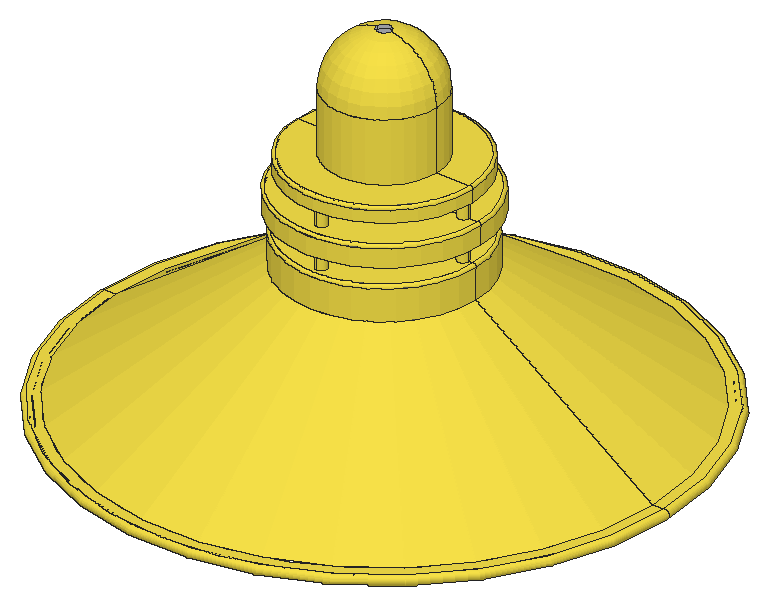
Revit family "L120 SHADE", category Lighting Fixtures, Revit 2024
Family settings
  Round Connector Dimension = Use Diameter
  Part Type = Normal
  OmniClass Number = 23.80.70.00
  OmniClass Title = Lighting
  Work Plane-Based = No
  Always vertical = Yes
  Cut with Voids When Loaded = No
  Light Source = Yes
  Maintain Annotation Orientation = No
  Shared = No
  Room Calculation Point = No
Parameters
  Wattage = 12.1178 W
  built-in parameter 1150110 = 1 (stored number, unit not read)
  built-in parameter 1114217 = 1 (stored number, unit not read)
  built-in parameter 1150109 = 1 (stored number, unit not read)
  built-in parameter 1150134 = (empty or 0)
  built-in parameter 1150113 = 1 (stored number, unit not read)
  Lumens = 1800 lm
  built-in parameter 1150115 = 1 (stored number, unit not read)
  built-in parameter 1150105 = 572.96 (stored number, unit not read)
  Light Source Symbol Size = 2' - 0"
  built-in parameter 1150137 = (empty or 0)
  built-in parameter 1150139 = (empty or 0)
  built-in parameter 1150112 = 1 (stored number, unit not read)
  built-in parameter 1150114 = 1 (stored number, unit not read)
  built-in parameter 1150132 = 2
  built-in parameter 1150102 = (empty or 0)
  built-in parameter 1150138 = (empty or 0)
  built-in parameter 1150107 = 3000 (stored number, unit not read)
  built-in parameter 1150106 = 5.7296 (stored number, unit not read)
  built-in parameter 1150104 = 13.8 (stored number, unit not read)
  Dimming Lamp Color Temperature Shift = (empty or 0)
  Default Elevation = 0' - 0"
  Color Filter = 16777215
  built-in parameter 1114218 = 1 (stored number, unit not read)
  built-in parameter 1150133 = 10 (stored number, unit not read)
Reference planes (in)
  plane 1 "Light Source Axis (F/B)": y = 0
  plane 2: z = 0
  plane 3 "Light Source Axis (L/R)": x = 0
  plane 4 "Light Source Elevation": z = 54
Forms (in)
  Revolve 1, solid
    sketch origin (0, 0, 2.45653) x (1, 0, 0) y (0, 0, 1)
      loop
        line (-3.22625, 56.12573) -> (-9.44818, 51.86547) -> (-9.839, 51.86547)
        arc (-9.839, 51.86547) -> (-9.92587, 51.56892) -> (-9.69271, 51.77172) r 0.161
        line (-9.69271, 51.77172) -> (-9.41916, 51.77172) -> (-3.1325, 56.0763) -> (-3.1325, 57.15674) -> (-2.14731, 57.15674) -> (-2.14731, 57.25049) -> (-3.12625, 57.25049)
        arc (-3.12625, 57.25049) -> (-3.19696, 57.2212) -> (-3.22625, 57.15049) r 0.1
        line (-3.22625, 57.15049) -> (-3.22625, 56.12573)
      loop
        line (-3.38733, 57.91135) -> (-3.29358, 57.91135) -> (-3.29358, 58.5176) -> (-2.14731, 58.5176) -> (-2.14731, 58.61135) -> (-3.28733, 58.61135)
        arc (-3.28733, 58.61135) -> (-3.35804, 58.58206) -> (-3.38733, 58.51135) r 0.1
        line (-3.38733, 58.51135) -> (-3.38733, 57.91135)
      loop
        line (-3.1, 59.15423) -> (-3.00625, 59.15423) -> (-3.00625, 59.56048) -> (-1.75625, 59.56048) -> (-1.75625, 61.69347)
        arc (-1.75625, 61.69347) -> (-1.3273, 62.84354) -> (-0.25, 63.43183) r 1.75625
        line (-0.25, 63.43183) -> (-0.25, 63.5265)
        arc (-0.25, 63.5265) -> (-1.39374, 62.91002) -> (-1.85, 61.69347) r 1.85
        line (-1.85, 61.69347) -> (-1.85, 59.65423) -> (-3, 59.65423)
        arc (-3, 59.65423) -> (-3.07071, 59.62494) -> (-3.1, 59.55423) r 0.1
        line (-3.1, 59.55423) -> (-3.1, 59.15423)
      loop
        line (0, 53.24878) -> (0, 53.34253)
        arc (0, 53.34253) -> (-1.06508, 53.7837) -> (-1.50625, 54.84878) r 1.50625
        line (-1.50625, 54.84878) -> (-1.50625, 59.34878) -> (-1.6, 59.34878) -> (-1.6, 54.84878)
        arc (-1.6, 54.84878) -> (-1.13137, 53.71741) -> (0, 53.24878) r 1.6
      axis (0, 63.5265) -> (0, 51.77172)
    angle from 0 to 360
  Sweep 2, solid
    path origin (0, 0, 2.45653) x (1, 0, 0) y (0, 0, 1)
      loop
        line (-2.76936, 57.25049) -> (-2.76936, 59.56048)
    profile origin (-2.76936, 0, 60.86202) x (-1, 0, 0) y (0, -1, 0)
      loop
        circle (0, 0) r 0.1875
  Sweep 3, solid
    path origin (0, 0, 2.45653) x (0, -1, 0) y (0, 0, 1)
      loop
        line (-2.76936, 57.25049) -> (-2.76936, 59.56048)
    profile origin (0, 2.76936, 60.86202) x (0, 1, 0) y (-1, 0, 0)
      loop
        circle (0, 0) r 0.1875
  Sweep 4, solid
    path origin (0, 0, 2.45653) x (0, 1, 0) y (0, 0, 1)
      loop
        line (-2.76936, 57.25049) -> (-2.76936, 59.56048)
    profile origin (0, -2.76936, 60.86202) x (0, -1, 0) y (1, 0, 0)
      loop
        circle (0, 0) r 0.1875
  Sweep 5, solid
    path origin (0, 0, 2.45653) x (-1, 0, 0) y (0, 0, 1)
      loop
        line (-2.76936, 57.25049) -> (-2.76936, 59.56048)
    profile origin (2.76936, 0, 60.86202) x (1, 0, 0) y (0, 1, 0)
      loop
        circle (0, 0) r 0.1875
Dimensions and locks (in)
  aligned and locked: plane 3 "Light Source Axis (L/R)" to imposter light
  aligned and locked: plane 1 "Light Source Axis (F/B)" to imposter light
  aligned and locked: plane 4 "Light Source Elevation" to imposter light
  aligned and locked: level to plane 2
